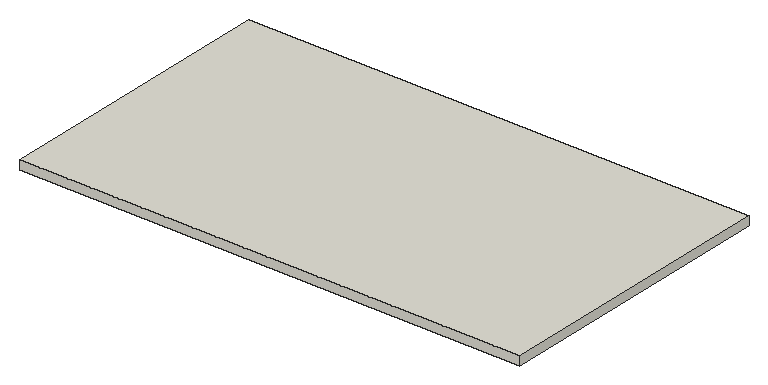
Revit family "Haworth_BeHold_StorageTop", category Furniture Systems, Revit 2018
Family settings
  Round Connector Dimension = Use Diameter
  Part Type = Normal
  OmniClass Number = 23.40.70.14.64.21
  OmniClass Title = Systems Furniture
  Work Plane-Based = No
  Always vertical = Yes
  Cut with Voids When Loaded = No
  Shared = No
  Room Calculation Point = No
Parameters (values of type "24d 42w")
  Width = 42"
  Warranty = "http://www.haworth.com/resources/product-info/warranties"
  URL - Product = "https://www.haworth.com/na/en/products/active-storage/be-hold.html"
  URL = "www.haworth.com"
  Top Finish [instance] = Haworth _ Laminate _ Beige H-34
  Top Edge Finish [instance] = Haworth _ Laminate _ Beige H-34
  Thickness = if([0.75" Thick], 3/4", 1 23/128")  # 3/4"
  Sustainability Info = "https://www.haworth.com/company-info/sustainability"
  Standard Widths = "18, 24, 30, 36, 42 in."  # constant formula
  Size = "Verify Final Dim. w/ Haworth"  # constant formula
  Revision Number = "1"  # constant formula
  Model = "Haworth Be_Hold"  # constant formula
  Min. Width = 18"  # constant formula
  Min. Depth = 16"  # constant formula
  Max. Width = 42"  # constant formula
  Max. Depth = 24"  # constant formula
  Manufacturer = "Haworth"  # constant formula
  Description = "Haworth - Be_Hold - Storage Top - 24d 42w"
  Depth = 24"
  Custom Size = not(and(or(Depth = 16", Depth = 24"), or(Width = 18", Width = 24", Width = 30", Width = 36", Width = 42")))  # no
  Author = "Haworth (Alias)"  # constant formula
  Assembly Code = "E2020200"
  Actual Width = if(Width < Min. Width, Min. Width, if(Width > Max. Width, Max. Width, Width))  # 42"
  Actual Mounting Height = 21 1/4"
  Actual Depth = if(Depth > Max. Depth, Max. Depth, if(Depth < Min. Depth, Min. Depth, Depth))  # 24"
  Standard Depths = "16, 24 in."  # constant formula
  1.18" Thick = not([0.75" Thick])  # no
  0.75" Thick = yes
Reference planes (in)
  plane 1: z = 0
  plane 2 "Center L/R": x = -6.17556
  plane 3 "Center F/B": y = -11.5
  plane 4 "Top of top": z = 22
  plane 5 "Back": y = 0.5
  plane 6 "Front": y = -23.5
  plane 7 "Left": x = -27.17556
  plane 8 "Right": x = 14.82444
  plane 9 "Bottom of top": z = 21.25
Forms (in)
  Extrusion 1, solid, material "Haworth _ Laminate _ Beige H-34" <- "Top Finish"
    sketch origin (0, 0, 0) x (1, 0, 0) y (0, 1, 0)
      loop
        line (-27.17556, 0.5) -> (-27.17556, -23.5) -> (14.82444, -23.5) -> (14.82444, 0.5) -> (-27.17556, 0.5)
    from 21.25 to 22
Lines and regions (in)
  Masking region 1
    outline origin (0, 0, 0) x (1, 0, 0) y (0, 1, 0)
      loop
        line (-27.17556, 0.5) -> (-27.17556, -23.5) -> (14.82444, -23.5) -> (14.82444, 0.5) -> (-27.17556, 0.5)
Dimensions and locks (in)
  equal spacing: plane 5 "Back", plane 3 "Center F/B", plane 6 "Front"
  "Actual Depth": plane 5 "Back" to plane 6 "Front"
  equal spacing: plane 7 "Left", plane 2 "Center L/R", plane 8 "Right"
  "Actual Width": plane 7 "Left" to plane 8 "Right"
  "Thickness": plane 4 "Top of top" to plane 9 "Bottom of top"
  "Actual Mounting Height": plane 9 "Bottom of top" to plane 1
  aligned and locked: plane 8 "Right" to Extrusion 1 sketch curve
  aligned and locked: plane 7 "Left" to Extrusion 1 sketch curve
  aligned and locked: plane 6 "Front" to Extrusion 1 sketch curve
  aligned and locked: Extrusion 1 sketch curve to plane 5 "Back"
  aligned and locked: plane 4 "Top of top" to Extrusion 1
  aligned and locked: Extrusion 1 to plane 9 "Bottom of top"
  aligned and locked: plane 8 "Right" to Masking region 1 sketch curve
  aligned and locked: Masking region 1 sketch curve to plane 5 "Back"
  aligned and locked: plane 7 "Left" to Masking region 1 sketch curve
  aligned and locked: plane 6 "Front" to Masking region 1 sketch curve
